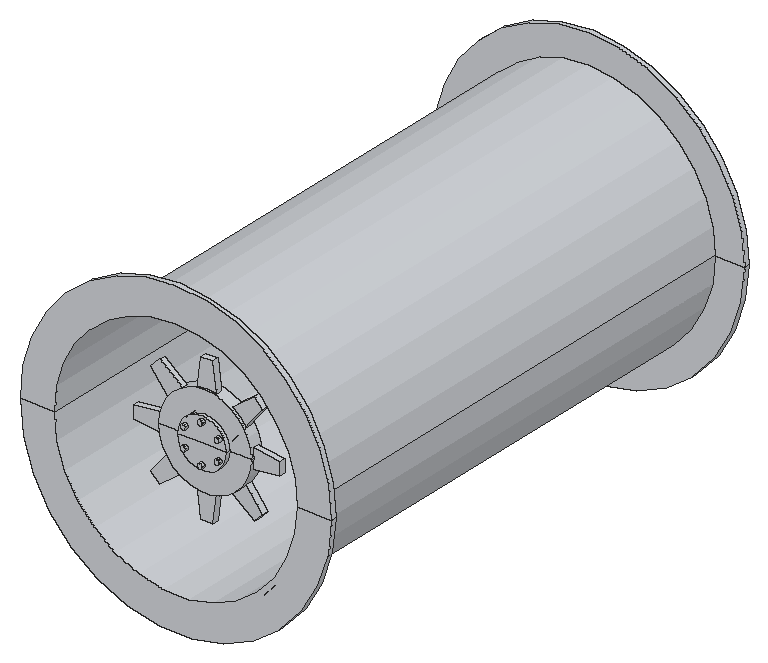
Revit family "CADS_Vent-Axia_MechEquip_Fan_BIFA_250_3Ph2P - SUPPLY", category Mechanical Equipment, Revit 2020
Family settings
  Round Connector Dimension = Use Diameter
  Part Type = Normal
  OmniClass Number = 23.75.00.00
  OmniClass Title = Climate Control (HVAC)
  Work Plane-Based = No
  Always vertical = Yes
  Cut with Voids When Loaded = No
  Shared = No
  Room Calculation Point = No
Parameters (values of type "BIFA253445")
  WorkingPressure = 0.0 Pa
  WarrantyStartDate [instance] = "1900-12-31T23:59:59"
  WarrantyPeriod = ""
  WarrantyIdentifier = "N/A"
  WarrantyGuarantorParts = "tech@vent-axia.com"
  WarrantyGuarantorLabor = "tech@vent-axia.com"
  WarrantyGuarantor = "Vent-Axia Limited"
  WarrantyEndDate [instance] = "1900-12-31T23:59:59"
  WarrantyContent = ""
  TemperatureRange = ""
  TagNumber [instance] = "N/A"
  SustainabilityPerformance = ""
  Status = "New"
  Size = ""
  Shape = ""
  ServiceLifeType = ""
  ServiceLifeDuration = ""
  SerialNumber [instance] = "N/A"
  ReplacementCost = ""
  RatedVoltage = 0 V
  RatedCurrent = 0 A
  Quantity = 1
  ProductionYear = ""
  PressureCurve = ""
  PowerFactor = ""
  PointOfContact = ""
  NumberOfPoles = 0
  NominalWidth = 250 mm
  NominalLength = 535 mm
  NominalHeight = 250 mm
  NominalFrequencyRange = ""
  NominalDiameter = 250 mm
  ModelReference = "BIF 250MM 3PH 4P 45DEG"
  ModelNumber = "BIFA253445"
  Material = ""
  ManufacturerE-Mail = "tech@vent-axia.com"
  ManufacturerAddress = "Fleming Way\nCrawley \nRH10 9YX"
  IsExtendedWarranty = no
  InsulationStandardClass = ""
  InstallationDate [instance] = "1900-12-31T23:59:59"
  IfcExportType [instance] = ""
  IfcExportAs = "IfcFanType"
  IP_Code = ""
  HasProtectiveEarth = no
  GrossWeight = 0.00 kg
  Grade = ""
  GlobalTradeItemNumber [instance] = "N/A"
  Fitting Type = "Ignore"
  Finish = ""
  Features = ""
  ExteriorInsulation = no
  ExpectedServiceLife = 0
  Exclusions = ""
  DurationUnit = "Year"
  Default Elevation = 0 mm
  Constituents = ""
  ConductorFunction = ""
  Color = ""
  CodePerformance = ""
  Category = ""
  CADS_Usage = 0
  CADS_Index = 0
  AssetType = "FIXED"
  AssetIdentifier [instance] = "N/A"
  AssemblyPlace = "UNKNOWN"
  ArticleNumber [instance] = "N/A"
  AirflowRateRange = 0.0 L/s
  Air Flow [instance] = 0.0 L/s
  AccessibilityPerformance = ""
Types (8, lengths in mm): name | ModelReference | ModelNumber
  BIFA253225 | "BIF 250MM 3PH 2P 25DEG" | "BIFA253225"
  BIFA253230 | "BIF 250MM 3PH 2P 30DEG" | "BIFA253230"
  BIFA253240 | "BIF 250MM 3PH 2P 40DEG" | "BIFA253240"
  BIFA253425 | "BIF 250MM 3PH 4P 25DEG" | "BIFA253425"
  BIFA253430 | "BIF 250MM 3PH 4P 30DEG" | "BIFA253430"
  BIFA253435 | "BIF 250MM 3PH 4P 35DEG" | "BIFA253435"
  BIFA253440 | "BIF 250MM 3PH 4P 40DEG" | "BIFA253440"
  BIFA253445 | "BIF 250MM 3PH 4P 45DEG" | "BIFA253445"
Reference planes
  plane 1 "Center (Front/Back)": y = 0
  plane 2: z = 0
  plane 3 "Center (Left/Right)": x = 0
  plane 4: x = -125
  plane 5: x = 125
  plane 6 "F": y = -267.5
  plane 7 "B": y = 267.5
  plane 8: x = -160
  plane 9: y = 262.5
  plane 10: y = -262.5
  plane 11: x = -130
  plane 12: y = -227.5
Forms (mm)
  Revolve 1, solid
    sketch origin (0, 0, 0) x (1, 0, 0) y (0, 1, 0)
      loop
        line (-160, -267.5) -> (-125, -267.5) -> (-125, 267.5) -> (-160, 267.5) -> (-160, 262.5) -> (-130, 262.5) -> (-130, -262.5) -> (-160, -262.5) -> (-160, -267.5)
      axis (0, 267.5) -> (0, -267.5)
    angle from 0 to 360
Dimensions and locks
  equal spacing: plane 4, plane 3 "Center (Left/Right)", plane 5
  equal spacing: plane 7 "B", plane 1 "Center (Front/Back)", plane 6 "F"
  "NominalLength": plane 7 "B" to plane 6 "F"
  "NominalDiameter": plane 4 to plane 5
  locked: plane 11 to plane 4 at 5
  locked: plane 8 to plane 11 at 30
  locked: plane 6 "F" to plane 10 at 5
  locked: plane 7 "B" to plane 9 at 5
  locked: plane 6 "F" to plane 12 at 40
  aligned and locked: level to plane 2
  aligned and locked: nested 1 to plane 12
Automatic sketch dimensions
  plane 6 "F" to Revolve 1 sketch curve = 0 mm
  Revolve 1 sketch curve to plane 8 = 0 mm  (x2)
  plane 10 to Revolve 1 sketch curve = 0 mm
  Revolve 1 sketch curve to plane 11 = 0 mm
  Revolve 1 sketch curve to plane 4 = 0 mm
  Revolve 1 sketch curve to plane 3 "Center (Left/Right)" = 0 mm
  plane 1 "Center (Front/Back)" to Revolve 1 sketch curve = 0 mm
  Revolve 1 sketch curve to plane 9 = 0 mm
  Revolve 1 sketch curve to plane 7 "B" = 0 mm
  plane 6 "F" to Revolve 1 sketch curve = 115 mm
Nested families
  nested 1: "Fan for BIFA" at (0, -227.5, 0), ND <- "NominalDiameter", type "Fan for BIFA"
    with hub 25 mm, ND 250 mm, BoltPCD 20 mm, Bolt Count 6, B_Diam 5 mm
  nested 2: "Bolts" at (17.321, -236.672, -10) x (-0.5, 0, -0.866) z (0, 1, 0), type "Bolts"
    with bd 5 mm
  nested 3: "Bolts" at (0, -236.672, -20) x (-1, 0, 0) z (0, 1, 0), type "Bolts"
    with bd 5 mm
  nested 4: "Bolts" at (-17.321, -236.672, -10) x (-0.5, 0, 0.866) z (0, 1, 0), type "Bolts"
    with bd 5 mm
  nested 5: "Bolts" at (-17.321, -236.672, 10) x (0.5, 0, 0.866) z (0, 1, 0), type "Bolts"
    with bd 5 mm
  nested 6: "Bolts" at (17.321, -236.672, 10) x (0.5, 0, -0.866) z (0, 1, 0), type "Bolts"
    with bd 5 mm
  nested 7: "Bolts" at (0, -236.672, 20) x (1, 0, 0) z (0, 1, 0), type "Bolts"
    with bd 5 mm
  nested 8: "BIFA Blade" at (0, -227.5, 12.5), type "BIFA Blade"
    with a 20.00°, HR 12.5 mm, HD 25 mm, BT 12.5 mm, BR 50 mm, BH 40 mm, BD 125 mm, BB 25 mm
  nested 9: "BIFA Blade" at (8.839, -227.5, 8.839) x (0.7071, 0, -0.7071) z (0.7071, 0, 0.7071), type "BIFA Blade"
    with a 20.00°, HR 12.5 mm, HD 25 mm, BT 12.5 mm, BR 50 mm, BH 40 mm, BD 125 mm, BB 25 mm
  nested 10: "BIFA Blade" at (12.5, -227.5, 0) x (0, 0, -1) z (1, 0, 0), type "BIFA Blade"
    with a 20.00°, HR 12.5 mm, HD 25 mm, BT 12.5 mm, BR 50 mm, BH 40 mm, BD 125 mm, BB 25 mm
  nested 11: "BIFA Blade" at (8.839, -227.5, -8.839) x (-0.7071, 0, -0.7071) z (0.7071, 0, -0.7071), type "BIFA Blade"
    with a 20.00°, HR 12.5 mm, HD 25 mm, BT 12.5 mm, BR 50 mm, BH 40 mm, BD 125 mm, BB 25 mm
  nested 12: "BIFA Blade" at (0, -227.5, -12.5) x (-1, 0, 0) z (0, 0, -1), type "BIFA Blade"
    with a 20.00°, HR 12.5 mm, HD 25 mm, BT 12.5 mm, BR 50 mm, BH 40 mm, BD 125 mm, BB 25 mm
  nested 13: "BIFA Blade" at (-8.839, -227.5, 8.839) x (-0.7071, 0, -0.7071) z (-0.7071, 0, 0.7071), type "BIFA Blade"
    with a 20.00°, HR 12.5 mm, HD 25 mm, BT 12.5 mm, BR 50 mm, BH 40 mm, BD 125 mm, BB 25 mm
  nested 14: "BIFA Blade" at (-12.5, -227.5, 0) x (0, 0, -1) z (-1, 0, 0), type "BIFA Blade"
    with a 20.00°, HR 12.5 mm, HD 25 mm, BT 12.5 mm, BR 50 mm, BH 40 mm, BD 125 mm, BB 25 mm
  nested 15: "BIFA Blade" at (-8.839, -227.5, -8.839) x (0.7071, 0, -0.7071) z (-0.7071, 0, -0.7071), type "BIFA Blade"
    with a 20.00°, HR 12.5 mm, HD 25 mm, BT 12.5 mm, BR 50 mm, BH 40 mm, BD 125 mm, BB 25 mm
Connectors
  hvac at (0, -267.5, 0), driven by "NominalDiameter", driven by "Air Flow"
    settings: on Revolve 1, index 1, duct flow 0.0 L/s, flow factor 0, pres drop 0.0 Pa, loss coef 0, conn angle 0.00°, conn width 304.8 mm, conn height 304.8 mm, conn diameter 250 mm, duct sys type 1, conn prof type 0, flow config 1, flow direction 1, loss method 0, conn ref index -1, conn util no, is conn primary yes, conn desc ""
  hvac at (0, 267.5, 0), driven by "NominalDiameter", driven by "Air Flow"
    settings: on Revolve 1, index 2, duct flow 0.0 L/s, flow factor 0, pres drop 0.0 Pa, loss coef 0, conn angle 0.00°, conn width 304.8 mm, conn height 304.8 mm, conn diameter 250 mm, duct sys type 1, conn prof type 0, flow config 0, flow direction 2, loss method 0, conn ref index -1, conn util no, is conn primary no, conn desc ""
Definition of nested family "Fan for BIFA"
  Parameters (values of type "Fan for BIFA")
    hub [instance] = ND / 10  # 50 mm
    ND [instance] = 500 mm
    Model = "."
    Default Elevation = 0 mm
    BoltPCD [instance] = hub - (hub * 0.2)  # 40 mm
    Bolt Count [instance] = if(hub < 50 mm, 6, 8)  # 8
    B_Diam [instance] = if(hub < 50 mm, 5 mm, 10 mm)  # 10 mm
  Reference planes
    plane 1 "Center (Front/Back)": y = 0
    plane 2: z = 0
    plane 3 "Center (Left/Right)": x = 0
    plane 4 "back": y = 20
    plane 5 "bolts": y = -9.172
    plane 6 "B": z = 50
    plane 7: x = -72.587
    plane 8: x = -50
    plane 9 "hubface": y = -6.172
  Forms (mm)
    Revolve 1, solid
      sketch origin (0, 0, 0) x (1, 0, 0) y (0, 1, 0)
        loop
          line (0, 20) -> (-50, 20) -> (-50, 10.504) -> (-72.587, 10.504) -> (-72.587, -2.597) -> (-50, -2.597) -> (-50, -6.172) -> (0, -6.172) -> (0, 20)
        axis (0, 20) -> (0, -6.172)
      angle from 0 to 360
    Extrusion 2, solid, not visible
      sketch origin (0, -6.347, -4) x (-1, 0, 0) y (0, 0, 1)
        loop
          circle (0, 84) r 5
      from 0 to 3
  Lines and regions (mm)
    symbolic lines
      curve 1: circle (0, -9.172, 0) r 40 normal (0, 1, 0)
    model lines, not visible
      curve 2: line (0, -6.347, 85) -> (0, -6.347, 75)
  Dimensions and locks
    "hub": plane 6 "B" to plane 2
    "hub": nested 3 to plane 3 "Center (Left/Right)"
    "hub": nested 4 to plane 3 "Center (Left/Right)"
    "hub": nested 5 to plane 3 "Center (Left/Right)"
    "hub": plane 3 "Center (Left/Right)" to nested 6
    "hub": Revolve 1 sketch curve to Revolve 1 sketch curve
    "hub": plane 3 "Center (Left/Right)" to nested 7
    "hub": plane 3 "Center (Left/Right)" to nested 8
    "hub": plane 3 "Center (Left/Right)" to nested 9
    "hub": plane 8 to plane 3 "Center (Left/Right)"
    plane 7 to plane 8 = 22.587 mm
    diameter of Extrusion 2 sketch curve = 10 mm
    "BoltPCD": radius of curve 1
    "BoltPCD": radius of radial array
    aligned and locked: level to plane 2
    aligned and locked: plane 6 "B" to nested 1
  Automatic sketch dimensions
    Revolve 1 sketch curve to plane 7 = 0 mm
    Revolve 1 sketch curve to plane 8 = 0 mm  (x2)
    Revolve 1 sketch curve to plane 3 "Center (Left/Right)" = 0 mm
    Revolve 1 sketch curve to plane 9 "hubface" = 0 mm
    plane 4 "back" to Revolve 1 sketch curve = 0 mm
    plane 1 "Center (Front/Back)" to Revolve 1 sketch curve = 2.597 mm
    plane 4 "back" to Revolve 1 sketch curve = 9.496 mm
    plane 4 "back" to Revolve 1 sketch curve = 5 mm
    Revolve 1 sketch curve to Revolve 1 sketch curve = 45 mm
    curve 1 to level = 0 mm
    curve 1 to plane 3 "Center (Left/Right)" = 0 mm
  Nested families
    nested 1: "BIFA Blade" at (0, 0, 25), BD <- "ND", HD <- "hub", type "BIFA Blade"
      with a 20.00°, HR 25 mm, HD 50 mm, BT 25 mm, BR 100 mm, BH 40 mm, BD 250 mm, BB 50 mm
    nested 2: "BIFA Blade" at (0, 0, 55), BD <- "ND", HD <- "hub", type "BIFA Blade", not visible
      with a 20.00°, HR 25 mm, HD 50 mm, BT 25 mm, BR 100 mm, BH 40 mm, BD 250 mm, BB 50 mm
    nested 3: "BIFA Blade" at (17.678, 0, 17.678) x (0.7071, 0, -0.7071) z (0.7071, 0, 0.7071), BD <- "ND", HD <- "hub", type "BIFA Blade"
      with a 20.00°, HR 25 mm, HD 50 mm, BT 25 mm, BR 100 mm, BH 40 mm, BD 250 mm, BB 50 mm
    nested 4: "BIFA Blade" at (25, 0, 0) x (0, 0, -1) z (1, 0, 0), BD <- "ND", HD <- "hub", type "BIFA Blade"
      with a 20.00°, HR 25 mm, HD 50 mm, BT 25 mm, BR 100 mm, BH 40 mm, BD 250 mm, BB 50 mm
    nested 5: "BIFA Blade" at (17.678, 0, -17.678) x (-0.7071, 0, -0.7071) z (0.7071, 0, -0.7071), BD <- "ND", HD <- "hub", type "BIFA Blade"
      with a 20.00°, HR 25 mm, HD 50 mm, BT 25 mm, BR 100 mm, BH 40 mm, BD 250 mm, BB 50 mm
    nested 6: "BIFA Blade" at (0, 0, -25) x (-1, 0, 0) z (0, 0, -1), BD <- "ND", HD <- "hub", type "BIFA Blade"
      with a 20.00°, HR 25 mm, HD 50 mm, BT 25 mm, BR 100 mm, BH 40 mm, BD 250 mm, BB 50 mm
    nested 7: "BIFA Blade" at (-17.678, 0, 17.678) x (-0.7071, 0, -0.7071) z (-0.7071, 0, 0.7071), BD <- "ND", HD <- "hub", type "BIFA Blade"
      with a 20.00°, HR 25 mm, HD 50 mm, BT 25 mm, BR 100 mm, BH 40 mm, BD 250 mm, BB 50 mm
    nested 8: "BIFA Blade" at (-25, 0, 0) x (0, 0, -1) z (-1, 0, 0), BD <- "ND", HD <- "hub", type "BIFA Blade"
      with a 20.00°, HR 25 mm, HD 50 mm, BT 25 mm, BR 100 mm, BH 40 mm, BD 250 mm, BB 50 mm
    nested 9: "BIFA Blade" at (-17.678, 0, -17.678) x (0.7071, 0, -0.7071) z (-0.7071, 0, -0.7071), BD <- "ND", HD <- "hub", type "BIFA Blade"
      with a 20.00°, HR 25 mm, HD 50 mm, BT 25 mm, BR 100 mm, BH 40 mm, BD 250 mm, BB 50 mm
    nested 10: "Bolts" at (0, -9.172, 40) x (1, 0, 0) z (0, 1, 0), bd <- "B_Diam", type "Bolts"
      with bd 10 mm
    nested 11: "Bolts" at (28.284, -9.172, 28.284) x (0.7071, 0, -0.7071) z (0, 1, 0), bd <- "B_Diam", type "Bolts"
      with bd 10 mm
    nested 12: "Bolts" at (-28.284, -9.172, 28.284) x (0.7071, 0, 0.7071) z (0, 1, 0), bd <- "B_Diam", type "Bolts"
      with bd 10 mm
    nested 13: "Bolts" at (-40, -9.172, 0) x (0, 0, 1) z (0, 1, 0), bd <- "B_Diam", type "Bolts"
      with bd 10 mm
    nested 14: "Bolts" at (-28.284, -9.172, -28.284) x (-0.7071, 0, 0.7071) z (0, 1, 0), bd <- "B_Diam", type "Bolts"
      with bd 10 mm
    nested 15: "Bolts" at (0, -9.172, -40) x (-1, 0, 0) z (0, 1, 0), bd <- "B_Diam", type "Bolts"
      with bd 10 mm
    nested 16: "Bolts" at (28.284, -9.172, -28.284) x (-0.7071, 0, -0.7071) z (0, 1, 0), bd <- "B_Diam", type "Bolts"
      with bd 10 mm
    nested 17: "Bolts" at (40, -9.172, 0) x (0, 0, -1) z (0, 1, 0), bd <- "B_Diam", type "Bolts"
      with bd 10 mm
  Definition of nested family "BIFA Blade"
    Parameters (values of type "BIFA Blade")
      a [instance] = 20.00°
      HR [instance] = HD / 2  # 30 mm
      HD [instance] = BD / 5  # 60 mm
      Default Elevation = 1219.2 mm
      BT [instance] = BD / 10  # 30 mm
      BR [instance] = (BD / 2) - HR  # 120 mm
      BH [instance] = 40 mm
      BD [instance] = 300 mm
      BB [instance] = BD / 5  # 60 mm
    Reference planes
      plane 1 "Center (Front/Back)": y = 0
      plane 2: z = 0
      plane 3 "Center (Left/Right)": x = 0
      plane 4 "Blade Bot": z = 30
      plane 5: x = -30
      plane 6: x = 30
      plane 7: x = -15
      plane 8: x = 15
    Forms (mm)
      Blend 1, solid
        base sketch origin (0, 0, 30) x (-1, 0, 0) y (0, -1, 0)
          loop
            line (30, 0) -> (-30, 0) -> (-30, -6) -> (30, -6) -> (30, 0)
        top sketch origin (0, 0, 30) x (-1, 0, 0) y (0, -1, 0)
          loop
            line (15, -6) -> (15, 0) -> (-15, 0) -> (-15, -6) -> (15, -6)
        from 0 to 120 <- "BR"
    Dimensions and locks
      "HR": plane 4 "Blade Bot" to level
      equal spacing: plane 8, plane 3 "Center (Left/Right)", plane 7
      "BT": plane 8 to plane 7
      equal spacing: plane 6, plane 3 "Center (Left/Right)", plane 5
      "BB": plane 6 to plane 5
      aligned and locked: level to plane 2
    Automatic sketch dimensions
      plane 1 "Center (Front/Back)" to Blend 1 sketch curve = 0 mm  (x2)
      Blend 1 sketch curve to plane 6 = 0 mm
      Blend 1 sketch curve to plane 5 = 0 mm
      Blend 1 sketch curve to plane 1 "Center (Front/Back)" = 6 mm  (x2)
      Blend 1 sketch curve to plane 8 = 0 mm
      Blend 1 sketch curve to plane 7 = 0 mm
  Definition of nested family "Bolts"
    Parameters
      bd [instance] = 10 mm
      Default Elevation = 1219.2 mm
    Reference planes
      plane 1 "Center (Front/Back)": y = 0
      plane 2: z = 0
      plane 3 "Center (Left/Right)": x = 0
    Forms (mm)
      Extrusion 1, solid
        sketch origin (0, 0, 0) x (1, 0, 0) y (0, 1, 0)
          loop
            line (-1219.2, 1219.2) -> (-1219.2, -1219.2) -> (1219.2, -1219.2) -> (1219.2, 1219.2) -> (-1219.2, 1219.2)
        from 0 to -304.8
      Extrusion 2, solid
        sketch origin (0, 0, 0) x (1, 0, 0) y (0, 1, 0)
          loop
            circle (0, 0) r 5
        from 0 to 3
    Dimensions and locks
      "bd": diameter of Extrusion 2 sketch curve
      aligned and locked: plane 2 to Extrusion 1
      aligned and locked: level to Extrusion 1
    Automatic sketch dimensions
      Extrusion 1 sketch curve to Extrusion 1 sketch curve = 2438.4 mm  (x2)
      plane 1 "Center (Front/Back)" to Extrusion 2 sketch curve = 0 mm
      Extrusion 2 sketch curve to plane 3 "Center (Left/Right)" = 0 mm
Definition of nested family "Bolts"
  Parameters
    bd [instance] = 10 mm
    Default Elevation = 1219.2 mm
  Reference planes
    plane 1 "Center (Front/Back)": y = 0
    plane 2: z = 0
    plane 3 "Center (Left/Right)": x = 0
  Forms (mm)
    Extrusion 1, solid
      sketch origin (0, 0, 0) x (1, 0, 0) y (0, 1, 0)
        loop
          line (-1219.2, 1219.2) -> (-1219.2, -1219.2) -> (1219.2, -1219.2) -> (1219.2, 1219.2) -> (-1219.2, 1219.2)
      from 0 to -304.8
    Extrusion 2, solid
      sketch origin (0, 0, 0) x (1, 0, 0) y (0, 1, 0)
        loop
          circle (0, 0) r 5
      from 0 to 3
  Dimensions and locks
    "bd": diameter of Extrusion 2 sketch curve
    aligned and locked: plane 2 to Extrusion 1
    aligned and locked: level to Extrusion 1
  Automatic sketch dimensions
    Extrusion 1 sketch curve to Extrusion 1 sketch curve = 2438.4 mm  (x2)
    plane 1 "Center (Front/Back)" to Extrusion 2 sketch curve = 0 mm
    Extrusion 2 sketch curve to plane 3 "Center (Left/Right)" = 0 mm
Definition of nested family "BIFA Blade"
  Parameters (values of type "BIFA Blade")
    a [instance] = 20.00°
    HR [instance] = HD / 2  # 30 mm
    HD [instance] = BD / 5  # 60 mm
    Default Elevation = 1219.2 mm
    BT [instance] = BD / 10  # 30 mm
    BR [instance] = (BD / 2) - HR  # 120 mm
    BH [instance] = 40 mm
    BD [instance] = 300 mm
    BB [instance] = BD / 5  # 60 mm
  Reference planes
    plane 1 "Center (Front/Back)": y = 0
    plane 2: z = 0
    plane 3 "Center (Left/Right)": x = 0
    plane 4 "Blade Bot": z = 30
    plane 5: x = -30
    plane 6: x = 30
    plane 7: x = -15
    plane 8: x = 15
  Forms (mm)
    Blend 1, solid
      base sketch origin (0, 0, 30) x (-1, 0, 0) y (0, -1, 0)
        loop
          line (30, 0) -> (-30, 0) -> (-30, -6) -> (30, -6) -> (30, 0)
      top sketch origin (0, 0, 30) x (-1, 0, 0) y (0, -1, 0)
        loop
          line (15, -6) -> (15, 0) -> (-15, 0) -> (-15, -6) -> (15, -6)
      from 0 to 120 <- "BR"
  Dimensions and locks
    "HR": plane 4 "Blade Bot" to level
    equal spacing: plane 8, plane 3 "Center (Left/Right)", plane 7
    "BT": plane 8 to plane 7
    equal spacing: plane 6, plane 3 "Center (Left/Right)", plane 5
    "BB": plane 6 to plane 5
    aligned and locked: level to plane 2
  Automatic sketch dimensions
    plane 1 "Center (Front/Back)" to Blend 1 sketch curve = 0 mm  (x2)
    Blend 1 sketch curve to plane 6 = 0 mm
    Blend 1 sketch curve to plane 5 = 0 mm
    Blend 1 sketch curve to plane 1 "Center (Front/Back)" = 6 mm  (x2)
    Blend 1 sketch curve to plane 8 = 0 mm
    Blend 1 sketch curve to plane 7 = 0 mm
